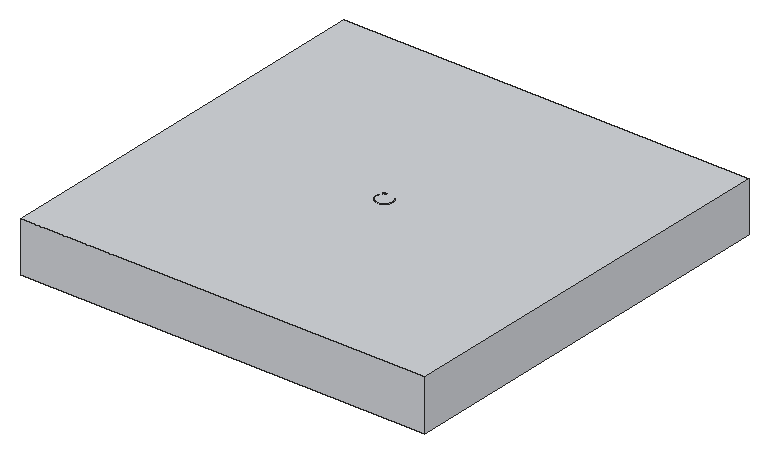
Revit family "Dreno de piso sifonado - Cônico", category Peças hidrossanitárias, Revit 2019
Family settings
  Hospedeiro = Face
  Cota do conector redondo = Usar raio
  Tipo de parte = Normal
  Corte com vazios quando carregada = Não
  Compartilhado = Não
  Ponto de cálculo do ambiente = Não
Parameters (values of type "100mm Filtro - 40mm Dreno")
  WFU = 1.2
  Material do filtro = none
  Raio 1 = Diâmetro 1 / 2  # 50.00 mm
  Raio 2 = Diâmetro 2 / 2  # 51.50 mm
  Raio nominal = 20 mm
  Diâmetro nominal = Raio nominal * 2  # 40 mm
  HWFU = 0
  Altura do dreno = 65.00 mm
  Material da drenagem = none
  Diâmetro 2 = 103.00 mm
  Diâmetro 1 = 100.00 mm
  Default Elevation = 0.00 mm
  CWFU = 0
Reference planes
  plane 1 "Centro (Frente/Trás)": y = 0
  plane 2: z = 0
  plane 3 "Centro (Esquerda/Direita)": x = 0
  plane 4: z = -65
  plane 5: z = -5.523
  plane 6: z = -55
Forms (mm)
  Extrusion 1, solid
    sketch origin (0, 0, 0) x (1, 0, 0) y (0, 1, 0)
      loop
        line (-1219.2, 1219.2) -> (-1219.2, -1219.2) -> (1219.2, -1219.2) -> (1219.2, 1219.2) -> (-1219.2, 1219.2)
    from 0 to -304.8
  Blend 2, solid, material <- "Material da drenagem", detail levels fine
    base sketch origin (-0.003, 0.037, 0) x (1, 0, 0) y (0, 1, 0)
      loop
        circle (0, 0) r 37
    top sketch origin (-0.003, 0.037, 0) x (1, 0, 0) y (0, 1, 0)
      loop
        circle (0, 0) r 50
    from -65 to -5.523
  Extrusion 3, solid, material <- "Material do filtro", detail levels fine
    sketch origin (-0.003, 0, -0.023) x (1, 0, 0) y (0, 1, 0)
      loop
        circle (0, 0) r 51.5
      loop
        circle (0, 0.037) r 50
    from -5.5 to 0.023
  Sweep 4, void
    path origin (0, 0, 0) x (1, 0, 0) y (0, 0, 1)
      loop
        line (-0.003, -65) -> (-0.003, -55)
    profile origin (-0.003, 0, -60) x (-1, 0, 0) y (0, -1, 0)
      loop
        circle (0, -0.037) r 20
  Sweep 5, solid, material <- "Material do filtro", detail levels fine
    path origin (0, 0, 0) x (1, 0, 0) y (0, 0, 1)
      loop
        line (0, 0) -> (0, -3.753)
    profile origin (0, 0, -1.876) x (0, -1, 0) y (1, 0, 0)
      loop
        circle (-0.037, -0.003) r 50
Cuts and joins
  Sweep 4 cuts Blend 2
  joined: Extrusion 3, Sweep 5
Lines and regions (mm)
  model lines, detail levels coarse+medium
    curve 1: circle (-0.003, 0.037, -27.028) r 51.5 normal (0, 0, 1)
Dimensions and locks
  "Altura do dreno": level to plane 4
  locked: Extrusion 1 to plane 5 at 5.523
  locked: plane 6 to plane 4 at 10
  "Raio nominal": radius of Sweep 4 sketch curve
  "Raio 1": radius of Blend 2 sketch curve
  radius of Blend 2 sketch curve = 37.00 mm
  "Raio 2": radius of Extrusion 3 sketch curve
  "Raio 1": radius of Sweep 5 sketch curve
  aligned and locked: plane 2 to Extrusion 1
  aligned and locked: level to Extrusion 1
  aligned and locked: Blend 2 to plane 4
  aligned and locked: plane 5 to Blend 2
  aligned and locked: Extrusion 3 to Blend 2
  aligned and locked: level to Extrusion 3
  aligned and locked: plane 6 to Sweep 4 sketch curve
  aligned and locked: Blend 2 to Sweep 4 sketch curve
  aligned and locked: Extrusion 3 sketch curve to Sweep 5  (x2)
Automatic sketch dimensions
  Extrusion 1 sketch curve to Extrusion 1 sketch curve = 2438.40 mm  (x2)
  Blend 2 sketch curve to plane 3 "Centro (Esquerda/Direita)" = 0.003 mm  (x2)
  Blend 2 sketch curve to plane 1 "Centro (Frente/Trás)" = 0.037 mm  (x2)
  Sweep 4 sketch curve to plane 3 "Centro (Esquerda/Direita)" = 0.003 mm
  Sweep 4 sketch curve to profile plane = 0.00 mm
  Sweep 4 sketch curve to plane 1 "Centro (Frente/Trás)" = 0.037 mm
  curve 1 to plane 3 "Centro (Esquerda/Direita)" = 0.003 mm
  curve 1 to plane 1 "Centro (Frente/Trás)" = 0.037 mm
  profile plane to Sweep 5 sketch curve = 0.003 mm
  Sweep 5 sketch curve to plane 1 "Centro (Frente/Trás)" = 0.037 mm
  plane 1 "Centro (Frente/Trás)" to Extrusion 3 sketch curve = 0.00 mm
  Extrusion 3 sketch curve to plane 3 "Centro (Esquerda/Direita)" = 0.003 mm
  Sweep 5 sketch curve to plane 3 "Centro (Esquerda/Direita)" = 0.00 mm
  Sweep 5 sketch curve to level = 0.00 mm
  plane 5 to Sweep 5 sketch curve = 1.77 mm
  radius of curve 1 = 51.50 mm
Connectors
  piping at (-0.003, 0.037, -55), diameter 40, driven by "Raio nominal", driven by "WFU"
    settings: on cut or joined group of Blend 2, Sweep 4, index 1, connector inside diameter 40 mm, connector length 0.00 mm, flow factor 0, pipe flow 0 GPM, pressure drop 0.00 psi, fitting loss kfactor 0, connector angle 0.00°, fixture units 1.2, engagement length 0.00 mm, angle of deflection 0.00°, flow configuration 3, flow direction 2, fitting loss method 0, system type 16, joint type 0, gender type 0, connector reference index -1, connector utility 0, adjustable connector no, is connector primary yes, connector description ""
